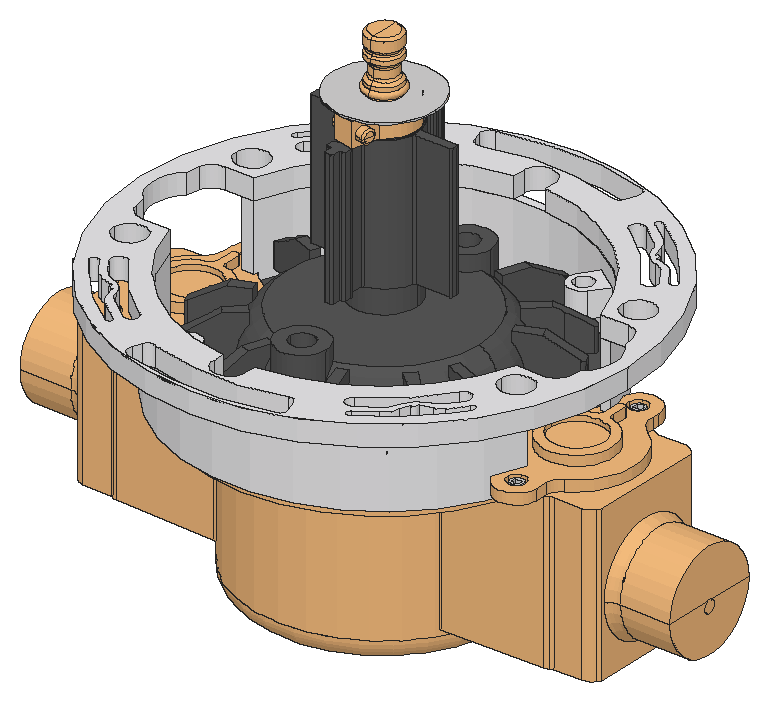
Revit family "Shower-Valves_and_Controls-KALLISTA-P29306_1", category Plumbing Fixtures, host Face, Revit 2022
Family settings
  Host = Face
  Round Connector Dimension = Use Diameter
  Part Type = Normal
  OmniClass Number = 23.27.31.00
  OmniClass Title = Valves
  Cut with Voids When Loaded = No
  Maintain Annotation Orientation = No
  Shared = No
  Room Calculation Point = No
Parameters (values of type "NA-Stainless Steel")
  Width = 8"  # constant formula
  WaterSense Certified = 1 = 0  # no
  Waste Water Outlet = "Waste Water Outlet"  # constant formula
  Waste Connection = 1 = 0  # no
  Vent Connection = 1 = 0  # no
  URL = "https://www.kallista.com/"
  Type = 1
  Tempered Water Outlet 1 = "Tempered Water Outlet 1"  # constant formula
  Product Page URL = "https://www.kallista.com/products/luxury-bathroom/showering/shower-valves/high-flow-pressure-balance-rough-in-assembly-p29306-ws"
  Product Name = "Rough In"  # constant formula
  Product Documentation Link = "https://techcomm.kohler.com/techcomm/pdf/1150734-4.pdf"
  Pressure = 45.00 psi  # constant formula
  Model = "P29306-WS-NA"  # constant formula
  Material = "Premium Metal Construction"  # constant formula
  Master Format 2014 Name = "Control Valves"  # constant formula
  Master Format 2014 = "23 09 13.33"  # constant formula
  Manufacturer Address = "444 Highland Dr, Kohler, WI 53044"  # constant formula
  Manufacturer = "Kallista Co."  # constant formula
  Length = 6"  # constant formula
  Hot Water Inlet = "Hot Water Inlet"  # constant formula
  Height = 6.18622"  # constant formula
  HW Connection = 1 = 1  # yes
  Flow Rate = 13 GPM  # constant formula
  Finish = Kallista-Metal-Brass
  Environmental Product Declaration = ""
  Distamce From Wall [instance] = 3.23181"
  Description = "High Flow Pressure Balance Rough In Assembly"  # constant formula
  Default Elevation = 36"
  Declare Label = ""
  Date Modified = "06/24/2025"  # constant formula
  Date Created = "06/24/2025"  # constant formula
  Copyright = "Copyright Kallista  Co."  # constant formula
  Contact Us = "https://www.us.kohler.com/us/static/contact.jsp"
  Cold Water Inlet = "Cold Water Inlet"  # constant formula
  CW Connection = 1 = 1  # yes
  Assembly Code = "D2020"
  ADA Compliant = 1 = 0  # no
Reference planes (in)
  plane 1 "Center (Front/Back)": y = 0
  plane 2: z = 0
  plane 3 "Center (Left/Right)": x = 0
  plane 4: y = 3
  plane 5: y = -3
  plane 6: through (0.82422, -180, 2.98281) normal (0.9998, 0, 0.0175)
  plane 7: through (-0.82422, -180, 2.98281) normal (0.9998, 0, -0.0175)
  plane 8: z = -3.23181
  plane 9: x = -4
  plane 10: x = 4
  plane 11: z = -2.45343
  plane 12: z = -2.03375
  plane 13: z = 0.25802
  plane 14: z = -2.70584
  plane 15: z = -2.28616
  plane 16: y = 1.45551
  plane 17: z = -3.48422
  plane 18: z = 2.702
Forms (in)
  Revolve 1, void
    sketch origin (0, 0, 0) x (1, 0, 0) y (0, 0, 1)
      loop
        line (0.00327, -0.26482) -> (-4, -0.26482) -> (-4, -3.4514) -> (0.00327, -3.4514) -> (0.00327, -0.26482)
      axis (0.00327, -3.4514) -> (0.00327, -0.26482)
    angle from 0 to 360
  Extrusion 2, void
    sketch origin (0, 0, 0) x (1, 0, 0) y (0, 1, 0)
      loop
        circle (0, 0) r 3.00733
    from -0.38768 to 3.55533
Dimensions and locks (in)
  plane 4 to plane 5 = 6"
  "Length": plane 4 to plane 5
  "Width": plane 9 to plane 10
  "Distamce From Wall": level to plane 8
  locked: plane 13 to plane 12 at 2.29177
  plane 11 to plane 8 = 0.77838"
  plane 12 to plane 8 = 1.19806"  (x2)
  level to plane 8 = 3.23181"
  plane 17 to plane 14 = 0.77838"
  locked: plane 14 to plane 18 at 5.40784
  "Height": plane 18 to plane 17
  aligned and locked: plane 2 to host face
  aligned and locked: level to host face
  aligned and locked: plane 3 "Center (Left/Right)" to nested 1
Automatic sketch dimensions
  host sketch curve to host sketch curve = 96"  (x2)
  plane 3 "Center (Left/Right)" to Revolve 1 sketch curve = 0.00327"  (x2)
  Revolve 1 sketch curve to Revolve 1 sketch curve = 1.1811"
  Revolve 1 sketch curve to Revolve 1 sketch curve = 0.30082"
  Revolve 1 sketch curve to level = 0.26482"
  Revolve 1 sketch curve to plane 8 = 0.21959"
  Revolve 1 sketch curve to plane 9 = 0"
  plane 1 "Center (Front/Back)" to Extrusion 2 sketch curve = 0"
  Extrusion 2 sketch curve to plane 3 "Center (Left/Right)" = 0"
  radius of Extrusion 2 sketch curve = 3.00733"
Nested families (in)
  nested 1: "P29306" at (0, 0, -0.30541), type "P29306"
Connectors (in)
  piping at (0, 1.45559, -2.70584), diameter 0.75, driven by "Flow Rate", driven by "Pressure", driven by "HW Connection", driven by "Tempered Water Outlet 1"
    settings: on nested 1, index 1, connector inside diameter 24", connector length 0", flow factor 0, pipe flow 13 GPM, pressure drop 45.00 psi, fitting loss kfactor 0, connector angle 0.00°, fixture units 0, engagement length 0", angle of deflection 0.00°, flow configuration 1, flow direction 2, fitting loss method 4, system type 19, joint type 0, gender type 0, connector reference index -1, connector utility 1, adjustable connector no, is connector primary yes, connector description "Tempered Water Outlet 1"
  piping at (4, 0, -2.28616), diameter 0.75, driven by "Flow Rate", driven by "Pressure", driven by "HW Connection", driven by "Hot Water Inlet"
    settings: on nested 1, index 2, connector inside diameter 24", connector length 0", flow factor 0, pipe flow 13 GPM, pressure drop 45.00 psi, fitting loss kfactor 0, connector angle 0.00°, fixture units 0, engagement length 0", angle of deflection 0.00°, flow configuration 1, flow direction 2, fitting loss method 4, system type 19, joint type 0, gender type 0, connector reference index -1, connector utility 1, adjustable connector no, is connector primary no, connector description "Hot Water Inlet"
  piping at (-4, 0, -2.28616), diameter 0.75, driven by "Flow Rate", driven by "Pressure", driven by "CW Connection", driven by "Cold Water Inlet"
    settings: on nested 1, index 3, connector inside diameter 24", connector length 0", flow factor 0, pipe flow 13 GPM, pressure drop 45.00 psi, fitting loss kfactor 0, connector angle 0.00°, fixture units 0, engagement length 0", angle of deflection 0.00°, flow configuration 1, flow direction 2, fitting loss method 4, system type 20, joint type 0, gender type 0, connector reference index -1, connector utility 1, adjustable connector no, is connector primary no, connector description "Cold Water Inlet"
Definition of nested family "P29306"
  Parameters
    Material = none
    Default Elevation = 0"
  Reference planes (in)
    plane 1 "Center (Front/Back)": y = 0
    plane 2: z = 0.053
    plane 3 "Center (Left/Right)": x = 0
    plane 4: x = 4
    plane 5: x = -4
    plane 6: x = 3
    plane 7: x = -3
    plane 8: y = -3
    plane 9: y = 3
    plane 10: z = 0.31102
    plane 11: y = -2.33957
    plane 12: y = 2.33957
    plane 13: through (0.87085, -180, 0.31102) normal (-0.9998, 0, -0.0175)
    plane 14: z = -3.1788
    plane 15: z = -2.40043
    plane 16: z = -2.45978
    plane 17 "K": z = -2.40043
    plane 18 "W": z = -1.98074
    plane 19: z = 0.053
    plane 20: z = 3.00741
  Forms (in)
    Extrusion 1, solid, detail levels medium+fine
      sketch origin (0, 0, 0.053) x (1, 0, 0) y (0, 1, 0)
        loop
          circle (0, 0) r 3.00089
      from 0 to 0.2524
    Extrusion 2, solid
      sketch origin (0, 0, 0.053) x (1, 0, 0) y (0, 1, 0)
        loop
          arc (-0.17413, 0.37384) -> (-0.32559, 0.25312) -> (-0.40524, 0.07658) r 0.41241
          arc (-0.40524, 0.07658) -> (-0.41458, 0.06072) -> (-0.4319, 0.05448) r 0.02713
          line (-0.4319, 0.05448) -> (-0.84768, 0.05448)
          arc (-0.84768, 0.05448) -> (-0.86259, 0.0483) -> (-0.86877, 0.03339) r 0.02109
          line (-0.86877, 0.03339) -> (-0.86877, -0.03331)
          arc (-0.86877, -0.03331) -> (-0.86272, -0.04792) -> (-0.84812, -0.05397) r 0.02065
          line (-0.84812, -0.05397) -> (-0.43187, -0.05397)
          arc (-0.43187, -0.05397) -> (-0.41464, -0.06019) -> (-0.40535, -0.07598) r 0.02698
          arc (-0.40535, -0.07598) -> (-0.29091, -0.29232) -> (-0.07402, -0.40571) r 0.41241
          arc (-0.07402, -0.40571) -> (-0.06012, -0.41381) -> (-0.05465, -0.42893) r 0.02361
          line (-0.05465, -0.42893) -> (-0.05465, -0.60913)
          arc (-0.05465, -0.60913) -> (-0.06152, -0.62497) -> (-0.07779, -0.63077) r 0.02169
          arc (-0.07779, -0.63077) -> (-0.1067, -0.64109) -> (-0.11892, -0.66925) r 0.03856
          line (-0.11892, -0.66925) -> (-0.11892, -0.73207)
          arc (-0.11892, -0.73207) -> (-0.10168, -0.74892) -> (-0.07765, -0.75072) r 0.03518
          arc (-0.07765, -0.75072) -> (-0.06182, -0.7537) -> (-0.05465, -0.76813) r 0.01809
          line (-0.05465, -0.76813) -> (-0.05465, -0.84428)
          arc (-0.05465, -0.84428) -> (-0.04729, -0.86203) -> (-0.02953, -0.86939) r 0.02511
          line (-0.02953, -0.86939) -> (0.02953, -0.86939)
          arc (0.02953, -0.86939) -> (0.04729, -0.86203) -> (0.05465, -0.84428) r 0.02511
          line (0.05465, -0.84428) -> (0.05465, -0.76813)
          arc (0.05465, -0.76813) -> (0.06182, -0.7537) -> (0.07765, -0.75072) r 0.01809
          arc (0.07765, -0.75072) -> (0.10007, -0.7496) -> (0.11725, -0.73514) r 0.03518
          line (0.11725, -0.73514) -> (0.11725, -0.65804)
          arc (0.11725, -0.65804) -> (0.10228, -0.63752) -> (0.07779, -0.63077) r 0.03856
          arc (0.07779, -0.63077) -> (0.06152, -0.62497) -> (0.05465, -0.60913) r 0.02169
          line (0.05465, -0.60913) -> (0.05465, -0.43039)
          arc (0.05465, -0.43039) -> (0.0605, -0.41418) -> (0.07537, -0.40546) r 0.02536
          arc (0.07537, -0.40546) -> (0.29189, -0.29134) -> (0.4056, -0.0746) r 0.41241
          arc (0.4056, -0.0746) -> (0.41426, -0.0598) -> (0.43038, -0.05397) r 0.02519
          line (0.43038, -0.05397) -> (0.84812, -0.05397)
          arc (0.84812, -0.05397) -> (0.86272, -0.04792) -> (0.86877, -0.03331) r 0.02065
          line (0.86877, -0.03331) -> (0.86877, 0.03339)
          arc (0.86877, 0.03339) -> (0.86259, 0.0483) -> (0.84768, 0.05448) r 0.02109
          line (0.84768, 0.05448) -> (0.43063, 0.05448)
          arc (0.43063, 0.05448) -> (0.41426, 0.0604) -> (0.40546, 0.07541) r 0.02561
          arc (0.40546, 0.07541) -> (0.32789, 0.25013) -> (0.17988, 0.37111) r 0.41241
          arc (0.17988, 0.37111) -> (0.14746, 0.40319) -> (0.13478, 0.447) r 0.09062
          arc (0.13478, 0.447) -> (0.12872, 0.4608) -> (0.11476, 0.46647) r 0.02002
          line (0.11476, 0.46647) -> (-0.02689, 0.46647)
          arc (-0.02689, 0.46647) -> (-0.04594, 0.484) -> (-0.05721, 0.5073) r 0.06918
          arc (-0.05721, 0.5073) -> (-0.05356, 0.52571) -> (-0.03673, 0.53402) r 0.02121
          line (-0.03673, 0.53402) -> (0.13991, 0.53402)
          arc (0.13991, 0.53402) -> (0.15652, 0.53965) -> (0.16626, 0.55424) r 0.02728
          line (0.16626, 0.55424) -> (0.17565, 0.58926)
          arc (0.17565, 0.58926) -> (0.17331, 0.61037) -> (0.1573, 0.62432) r 0.02921
          arc (0.1573, 0.62432) -> (0.12947, 0.64552) -> (0.11892, 0.67886) r 0.05796
          line (0.11892, 0.67886) -> (0.11892, 0.73207)
          arc (0.11892, 0.73207) -> (0.10168, 0.74892) -> (0.07765, 0.75072) r 0.03518
          arc (0.07765, 0.75072) -> (0.06182, 0.7537) -> (0.05465, 0.76813) r 0.01809
          line (0.05465, 0.76813) -> (0.05465, 0.84428)
          arc (0.05465, 0.84428) -> (0.04729, 0.86203) -> (0.02953, 0.86939) r 0.02511
          line (0.02953, 0.86939) -> (-0.02953, 0.86939)
          arc (-0.02953, 0.86939) -> (-0.04729, 0.86203) -> (-0.05465, 0.84428) r 0.02511
          line (-0.05465, 0.84428) -> (-0.05465, 0.76813)
          arc (-0.05465, 0.76813) -> (-0.06182, 0.7537) -> (-0.07765, 0.75072) r 0.01809
          arc (-0.07765, 0.75072) -> (-0.10168, 0.74892) -> (-0.11892, 0.73207) r 0.03518
          line (-0.11892, 0.73207) -> (-0.11892, 0.65767)
          arc (-0.11892, 0.65767) -> (-0.12746, 0.63681) -> (-0.14817, 0.62792) r 0.02976
          arc (-0.14817, 0.62792) -> (-0.17089, 0.61634) -> (-0.17575, 0.59131) r 0.02907
          line (-0.17575, 0.59131) -> (-0.1381, 0.45112)
          arc (-0.1381, 0.45112) -> (-0.14204, 0.40592) -> (-0.17413, 0.37384) r 0.06628
      from 0.29252 to 1.93096
    Extrusion 3, solid, detail levels medium+fine
      sketch origin (0, 0, 0.053) x (1, 0, 0) y (0, 1, 0)
        loop
          circle (0, 0) r 0.3937
      from 0 to 1.93096
    Extrusion 4, void
      sketch origin (0, 0, 0.053) x (1, 0, 0) y (0, 1, 0)
        loop
          arc (-0.89763, 2.8239) -> (-0.9697, 2.76466) -> (-0.97544, 2.67154) r 0.11686
          line (-0.97544, 2.67154) -> (-0.93446, 2.55892)
          arc (-0.93446, 2.55892) -> (-0.88613, 2.50484) -> (-0.81385, 2.49894) r 0.09774
          arc (-0.81385, 2.49894) -> (0.00175, 2.62035) -> (0.81658, 2.49393) r 2.74339
          arc (0.81658, 2.49393) -> (0.87974, 2.49879) -> (0.92201, 2.54596) r 0.08504
          line (0.92201, 2.54596) -> (0.97601, 2.69431)
          arc (0.97601, 2.69431) -> (0.97166, 2.76779) -> (0.91514, 2.81495) r 0.09272
          arc (0.91514, 2.81495) -> (0.0094, 2.94821) -> (-0.89763, 2.8239) r 3.25399
        loop
          arc (-0.89763, -2.8239) -> (0.0094, -2.94821) -> (0.91514, -2.81495) r 3.25399
          arc (0.91514, -2.81495) -> (0.97166, -2.76779) -> (0.97601, -2.69431) r 0.09272
          line (0.97601, -2.69431) -> (0.92201, -2.54596)
          arc (0.92201, -2.54596) -> (0.87974, -2.49879) -> (0.81658, -2.49393) r 0.08504
          arc (0.81658, -2.49393) -> (0.00175, -2.62035) -> (-0.81385, -2.49894) r 2.74339
          arc (-0.81385, -2.49894) -> (-0.88613, -2.50484) -> (-0.93446, -2.55892) r 0.09774
          line (-0.93446, -2.55892) -> (-0.97544, -2.67154)
          arc (-0.97544, -2.67154) -> (-0.9697, -2.76466) -> (-0.89763, -2.8239) r 0.11686
        loop
          arc (-2.03798, -1.38422) -> (-2.17669, -1.35773) -> (-2.19863, -1.49724) r 0.09826
          line (-2.19863, -1.49724) -> (-2.08197, -1.65206)
          arc (-2.08197, -1.65206) -> (-2.02018, -1.71138) -> (-1.94288, -1.74827) r 0.26894
          arc (-1.94288, -1.74827) -> (-1.81406, -1.82631) -> (-1.74088, -1.95796) r 0.29363
          arc (-1.74088, -1.95796) -> (-1.70835, -2.02963) -> (-1.65289, -2.08549) r 0.22229
          line (-1.65289, -2.08549) -> (-1.41091, -2.25492)
          arc (-1.41091, -2.25492) -> (-1.29246, -2.23345) -> (-1.31508, -2.11521) r 0.08471
          arc (-1.31508, -2.11521) -> (-1.7131, -1.78588) -> (-2.03798, -1.38422) r 2.59455
        loop
          arc (-1.50623, -2.41596) -> (-1.44472, -2.40134) -> (-1.45691, -2.3393) r 0.04561
          line (-1.45691, -2.3393) -> (-1.68703, -2.17817)
          arc (-1.68703, -2.17817) -> (-1.75554, -2.10739) -> (-1.79277, -2.0162) r 0.25975
          arc (-1.79277, -2.0162) -> (-1.80845, -1.95427) -> (-1.83038, -1.89427) r 0.62433
          arc (-1.83038, -1.89427) -> (-1.87963, -1.88332) -> (-1.89058, -1.83407) r 0.04699
          arc (-1.89058, -1.83407) -> (-1.96719, -1.81195) -> (-2.04316, -1.78773) r 2.90109
          arc (-2.04316, -1.78773) -> (-2.09472, -1.76139) -> (-2.13619, -1.721) r 0.19371
          line (-2.13619, -1.721) -> (-2.27798, -1.53388)
          arc (-2.27798, -1.53388) -> (-2.35306, -1.52437) -> (-2.36093, -1.59964) r 0.05294
          arc (-2.36093, -1.59964) -> (-2.28578, -1.69237) -> (-2.21269, -1.78673) r 5.40552
          arc (-2.21269, -1.78673) -> (-1.89026, -2.13592) -> (-1.50623, -2.41596) r 2.43918
        loop
          arc (2.03798, -1.38422) -> (1.7131, -1.78588) -> (1.31508, -2.11521) r 2.59455
          arc (1.31508, -2.11521) -> (1.29246, -2.23345) -> (1.41091, -2.25492) r 0.08471
          line (1.41091, -2.25492) -> (1.65289, -2.08549)
          arc (1.65289, -2.08549) -> (1.70835, -2.02963) -> (1.74088, -1.95796) r 0.22229
          arc (1.74088, -1.95796) -> (1.81406, -1.82631) -> (1.94288, -1.74827) r 0.29363
          arc (1.94288, -1.74827) -> (2.02018, -1.71138) -> (2.08197, -1.65206) r 0.26894
          line (2.08197, -1.65206) -> (2.19863, -1.49724)
          arc (2.19863, -1.49724) -> (2.17669, -1.35773) -> (2.03798, -1.38422) r 0.09826
        loop
          arc (1.45691, -2.3393) -> (1.44472, -2.40134) -> (1.50623, -2.41596) r 0.04561
          arc (1.50623, -2.41596) -> (1.89026, -2.13592) -> (2.21269, -1.78673) r 2.43918
          arc (2.21269, -1.78673) -> (2.28578, -1.69237) -> (2.36093, -1.59964) r 5.40552
          arc (2.36093, -1.59964) -> (2.35306, -1.52437) -> (2.27798, -1.53388) r 0.05294
          line (2.27798, -1.53388) -> (2.13619, -1.721)
          arc (2.13619, -1.721) -> (2.09472, -1.76139) -> (2.04316, -1.78773) r 0.19371
          arc (2.04316, -1.78773) -> (1.96719, -1.81195) -> (1.89058, -1.83407) r 2.90109
          arc (1.89058, -1.83407) -> (1.87963, -1.88332) -> (1.83038, -1.89427) r 0.04699
          arc (1.83038, -1.89427) -> (1.80845, -1.95427) -> (1.79277, -2.0162) r 0.62433
          arc (1.79277, -2.0162) -> (1.75554, -2.10739) -> (1.68703, -2.17817) r 0.25975
          line (1.68703, -2.17817) -> (1.45691, -2.3393)
        loop
          arc (2.03798, 1.38422) -> (2.17669, 1.35773) -> (2.19863, 1.49724) r 0.09826
          line (2.19863, 1.49724) -> (2.08197, 1.65206)
          arc (2.08197, 1.65206) -> (2.02018, 1.71138) -> (1.94288, 1.74827) r 0.26894
          arc (1.94288, 1.74827) -> (1.81406, 1.82631) -> (1.74088, 1.95796) r 0.29363
          arc (1.74088, 1.95796) -> (1.70835, 2.02963) -> (1.65289, 2.08549) r 0.22229
          line (1.65289, 2.08549) -> (1.41091, 2.25492)
          arc (1.41091, 2.25492) -> (1.29246, 2.23345) -> (1.31508, 2.11521) r 0.08471
          arc (1.31508, 2.11521) -> (1.7131, 1.78588) -> (2.03798, 1.38422) r 2.59455
        loop
          arc (1.89058, 1.83407) -> (1.96719, 1.81195) -> (2.04316, 1.78773) r 2.90109
          arc (2.04316, 1.78773) -> (2.09472, 1.76139) -> (2.13619, 1.721) r 0.19371
          line (2.13619, 1.721) -> (2.27798, 1.53388)
          arc (2.27798, 1.53388) -> (2.35306, 1.52437) -> (2.36093, 1.59964) r 0.05294
          arc (2.36093, 1.59964) -> (2.28578, 1.69237) -> (2.21269, 1.78673) r 5.40552
          arc (2.21269, 1.78673) -> (1.89026, 2.13592) -> (1.50623, 2.41596) r 2.43918
          arc (1.50623, 2.41596) -> (1.44472, 2.40134) -> (1.45691, 2.3393) r 0.04561
          line (1.45691, 2.3393) -> (1.68703, 2.17817)
          arc (1.68703, 2.17817) -> (1.75554, 2.10739) -> (1.79277, 2.0162) r 0.25975
          arc (1.79277, 2.0162) -> (1.80845, 1.95427) -> (1.83038, 1.89427) r 0.62433
          arc (1.83038, 1.89427) -> (1.87963, 1.88332) -> (1.89058, 1.83407) r 0.04699
        loop
          arc (-2.03798, 1.38422) -> (-1.7131, 1.78588) -> (-1.31508, 2.11521) r 2.59455
          arc (-1.31508, 2.11521) -> (-1.29246, 2.23345) -> (-1.41091, 2.25492) r 0.08471
          line (-1.41091, 2.25492) -> (-1.65289, 2.08549)
          arc (-1.65289, 2.08549) -> (-1.70835, 2.02963) -> (-1.74088, 1.95796) r 0.22229
          arc (-1.74088, 1.95796) -> (-1.81406, 1.82631) -> (-1.94288, 1.74827) r 0.29363
          arc (-1.94288, 1.74827) -> (-2.02018, 1.71138) -> (-2.08197, 1.65206) r 0.26894
          line (-2.08197, 1.65206) -> (-2.19863, 1.49724)
          arc (-2.19863, 1.49724) -> (-2.17669, 1.35773) -> (-2.03798, 1.38422) r 0.09826
        loop
          arc (-1.79277, 2.0162) -> (-1.75554, 2.10739) -> (-1.68703, 2.17817) r 0.25975
          line (-1.68703, 2.17817) -> (-1.45691, 2.3393)
          arc (-1.45691, 2.3393) -> (-1.44472, 2.40134) -> (-1.50623, 2.41596) r 0.04561
          arc (-1.50623, 2.41596) -> (-1.89026, 2.13592) -> (-2.21269, 1.78673) r 2.43918
          arc (-2.21269, 1.78673) -> (-2.28578, 1.69237) -> (-2.36093, 1.59964) r 5.40552
          arc (-2.36093, 1.59964) -> (-2.35306, 1.52437) -> (-2.27798, 1.53388) r 0.05294
          line (-2.27798, 1.53388) -> (-2.13619, 1.721)
          arc (-2.13619, 1.721) -> (-2.09472, 1.76139) -> (-2.04316, 1.78773) r 0.19371
          arc (-2.04316, 1.78773) -> (-1.96719, 1.81195) -> (-1.89058, 1.83407) r 2.90109
          arc (-1.89058, 1.83407) -> (-1.87963, 1.88332) -> (-1.83038, 1.89427) r 0.04699
          arc (-1.83038, 1.89427) -> (-1.80845, 1.95427) -> (-1.79277, 2.0162) r 0.62433
        loop
          circle (-2.37877, 0.93873) r 0.19685
        loop
          circle (-2.37877, -0.93873) r 0.19685
        loop
          circle (2.37877, 0.93873) r 0.19685
        loop
          circle (2.37877, -0.93873) r 0.19685
        loop
          arc (-0.19697, -2.38515) -> (-0.00012, -2.582) -> (0.19673, -2.38515) r 0.19685
          line (0.19673, -2.38515) -> (0.19673, -2.24376)
          arc (0.19673, -2.24376) -> (-0.00016, -2.25151) -> (-0.19697, -2.24183) r 2.22796
          line (-0.19697, -2.24183) -> (-0.19697, -2.38515)
        loop
          line (-0.19697, 2.38515) -> (-0.19697, 2.24183)
          arc (-0.19697, 2.24183) -> (-0.00016, 2.25151) -> (0.19673, 2.24376) r 2.22796
          line (0.19673, 2.24376) -> (0.19673, 2.38515)
          arc (0.19673, 2.38515) -> (-0.00012, 2.582) -> (-0.19697, 2.38515) r 0.19685
      from -0.14038 to 0.37862
    Extrusion 5, void
      sketch origin (0, 0, 0.053) x (1, 0, 0) y (0, 1, 0)
        loop
          line (-2.12866, 0.64547) -> (-2.48258, 0.64547)
          arc (-2.48258, 0.64547) -> (-2.6058, 0.60213) -> (-2.67477, 0.4912) r 0.19685
          arc (-2.67477, 0.4912) -> (-2.69063, 0.41292) -> (-2.70364, 0.33411) r 2.20534
          arc (-2.70364, 0.33411) -> (-2.84472, -0.00357) -> (-2.69849, -0.33905) r 0.46615
          arc (-2.69849, -0.33905) -> (-2.68443, -0.41684) -> (-2.66759, -0.49407) r 2.20534
          arc (-2.66759, -0.49407) -> (-2.59814, -0.6031) -> (-2.47604, -0.64555) r 0.19685
          line (-2.47604, -0.64555) -> (-2.12864, -0.64555)
          arc (-2.12864, -0.64555) -> (0.01074, -2.25153) -> (2.15012, -0.64555) r 2.22796
          line (2.15012, -0.64555) -> (2.47604, -0.64555)
          arc (2.47604, -0.64555) -> (2.59814, -0.6031) -> (2.66759, -0.49407) r 0.19685
          arc (2.66759, -0.49407) -> (2.68443, -0.41684) -> (2.69849, -0.33905) r 2.20534
          arc (2.69849, -0.33905) -> (2.84472, -0.00357) -> (2.70364, 0.33411) r 0.46615
          arc (2.70364, 0.33411) -> (2.69063, 0.41292) -> (2.67477, 0.4912) r 2.20534
          arc (2.67477, 0.4912) -> (2.6058, 0.60213) -> (2.48258, 0.64547) r 0.19685
          line (2.48258, 0.64547) -> (2.15014, 0.64547)
          arc (2.15014, 0.64547) -> (0.01074, 2.25153) -> (-2.12866, 0.64547) r 2.22796
      from -0.18057 to 0.44042
    Extrusion 6, solid
      sketch origin (0, 0, 0.053) x (1, 0, 0) y (0, 1, 0)
        loop
          arc (-2.27228, -0.64555) -> (0, -2.3622) -> (2.27228, -0.64555) r 2.3622
          line (2.27228, -0.64555) -> (2.15012, -0.64555)
          arc (2.15012, -0.64555) -> (0.01074, -2.25153) -> (-2.12864, -0.64555) r 2.22796
          line (-2.12864, -0.64555) -> (-2.27228, -0.64555)
        loop
          line (2.15014, 0.64547) -> (2.27231, 0.64547)
          arc (2.27231, 0.64547) -> (0, 2.3622) -> (-2.27231, 0.64547) r 2.3622
          line (-2.27231, 0.64547) -> (-2.12866, 0.64547)
          arc (-2.12866, 0.64547) -> (0.01074, 2.25153) -> (2.15014, 0.64547) r 2.22796
      from 0 to -1.06436
    Revolve 7, solid, material <- "Material", detail levels coarse
      sketch origin (0, 0, 0.04921) x (1, 0, 0) y (0, 0, 1)
        loop
          line (0, -0.86713) -> (-1.62402, -0.86713) -> (-1.62402, -3.1788) -> (0, -3.1788) -> (0, -0.86713)
        axis (0, -3.1788) -> (0, -0.86713)
      angle from 0 to 360
    Extrusion 8, solid, material <- "Material"
      sketch origin (0, 0, 0.053) x (1, 0, 0) y (0, 1, 0)
        loop
          line (-3.2259, 0.68595) -> (-3.2259, -0.6872)
          arc (-3.2259, -0.6872) -> (-3.2106, -0.70281) -> (-3.19683, -0.71978) r 0.23362
          arc (-3.19683, -0.71978) -> (-3.13964, -0.77279) -> (-3.06695, -0.80104) r 0.20817
          line (-3.06695, -0.80104) -> (-2.73138, -0.80104)
          arc (-2.73138, -0.80104) -> (-2.70964, -0.80428) -> (-2.6898, -0.81372) r 0.07448
          arc (-2.6898, -0.81372) -> (-2.66041, -0.82795) -> (-2.62822, -0.83344) r 0.11604
          line (-2.62822, -0.83344) -> (-1.41702, -0.86679)
          arc (-1.41702, -0.86679) -> (-1.27691, -0.91417) -> (-1.18767, -1.03213) r 0.25144
          line (-1.18767, -1.03213) -> (-1.18767, 1.03087)
          arc (-1.18767, 1.03087) -> (-1.27691, 0.91291) -> (-1.41702, 0.86553) r 0.25144
          line (-1.41702, 0.86553) -> (-2.62822, 0.83218)
          arc (-2.62822, 0.83218) -> (-2.66041, 0.8267) -> (-2.6898, 0.81247) r 0.11604
          arc (-2.6898, 0.81247) -> (-2.70964, 0.80302) -> (-2.73138, 0.79978) r 0.07448
          line (-2.73138, 0.79978) -> (-3.06695, 0.79978)
          arc (-3.06695, 0.79978) -> (-3.13964, 0.77154) -> (-3.19683, 0.71853) r 0.20817
          arc (-3.19683, 0.71853) -> (-3.2106, 0.70156) -> (-3.2259, 0.68595) r 0.23362
      from -2.82246 to -0.93158
    Revolve 9, solid, material <- "Material"
      sketch origin (0, -0.00036, -1.9155) x (1, 0, 0) y (0, 1, 0)
        loop
          line (-3.17668, 0) -> (-3.17668, 0.72299)
          arc (-3.17668, 0.72299) -> (-3.26356, 0.63383) -> (-3.38366, 0.60109) r 0.23666
          line (-3.38366, 0.60109) -> (-4, 0.60109) -> (-4, 0) -> (-3.17668, 0)
        axis (-3.17668, 0) -> (-4, 0)
      angle from 0 to 360
    Extrusion 10, solid, material <- "Material", detail levels medium+fine
      sketch origin (0, 0, 0.053) x (1, 0, 0) y (0, 1, 0)
        loop
          arc (-2.76875, 0.58316) -> (-3.09128, -0.03767) -> (-2.72931, -0.63638) r 0.7147
          arc (-2.72931, -0.63638) -> (-2.65628, -0.70853) -> (-2.62951, -0.80764) r 0.19685
          line (-2.62951, -0.80764) -> (-2.62951, -0.9408)
          arc (-2.62951, -0.9408) -> (-2.37931, -1.191) -> (-2.1291, -0.9408) r 0.2502
          line (-2.1291, -0.9408) -> (-2.1291, -0.78247)
          arc (-2.1291, -0.78247) -> (-2.107, -0.70288) -> (-2.04703, -0.64609) r 0.15433
          arc (-2.04703, -0.64609) -> (-1.66703, -0.02468) -> (-2.0293, 0.60723) r 0.7147
          arc (-2.0293, 0.60723) -> (-2.10233, 0.67938) -> (-2.1291, 0.77849) r 0.19685
          line (-2.1291, 0.77849) -> (-2.1291, 0.93618)
          arc (-2.1291, 0.93618) -> (-2.37931, 1.18638) -> (-2.62951, 0.93618) r 0.2502
          line (-2.62951, 0.93618) -> (-2.62951, 0.84091)
          arc (-2.62951, 0.84091) -> (-2.66654, 0.69443) -> (-2.76875, 0.58316) r 0.30818
      from -0.93158 to -0.80071
    Extrusion 11, solid, material <- "Material", detail levels medium+fine
      sketch origin (0, 0, 0.053) x (1, 0, 0) y (0, 1, 0)
        loop
          arc (-2.49039, 0.40245) -> (-2.68835, -0.3298) -> (-1.9646, -0.10274) r 0.4325
          arc (-1.9646, -0.10274) -> (-1.9406, -0.06278) -> (-1.89671, -0.04708) r 0.06923
          line (-1.89671, -0.04708) -> (-1.70325, -0.04708)
          arc (-1.70325, -0.04708) -> (-1.68445, -0.03929) -> (-1.67666, -0.02049) r 0.02659
          line (-1.67666, -0.02049) -> (-1.67666, 0.01887)
          arc (-1.67666, 0.01887) -> (-1.68488, 0.03873) -> (-1.70474, 0.04696) r 0.02808
          line (-1.70474, 0.04696) -> (-1.89415, 0.04696)
          arc (-1.89415, 0.04696) -> (-1.93839, 0.06337) -> (-1.96122, 0.10468) r 0.06782
          arc (-1.96122, 0.10468) -> (-2.06863, 0.31279) -> (-2.28049, 0.41262) r 0.36457
          arc (-2.28049, 0.41262) -> (-2.31744, 0.43174) -> (-2.33226, 0.47061) r 0.05837
          line (-2.33226, 0.47061) -> (-2.33226, 0.67095)
          arc (-2.33226, 0.67095) -> (-2.34231, 0.69523) -> (-2.36659, 0.70528) r 0.03433
          line (-2.36659, 0.70528) -> (-2.3983, 0.70528)
          arc (-2.3983, 0.70528) -> (-2.41835, 0.69697) -> (-2.42666, 0.67692) r 0.02836
          line (-2.42666, 0.67692) -> (-2.42666, 0.48344)
          arc (-2.42666, 0.48344) -> (-2.4445, 0.43191) -> (-2.49039, 0.40245) r 0.08332
      from -0.80071 to -0.68392
    Extrusion 12, solid, material <- "Material"
      sketch origin (0, 0, 0.053) x (-1, 0, 0) y (0, -1, 0)
        loop
          arc (-3.2259, -0.68595) -> (-3.2106, -0.70156) -> (-3.19683, -0.71853) r 0.23362
          arc (-3.19683, -0.71853) -> (-3.14115, -0.77058) -> (-3.07046, -0.7991) r 0.20817
          line (-3.07046, -0.7991) -> (-2.73136, -0.7991)
          arc (-2.73136, -0.7991) -> (-2.70962, -0.80235) -> (-2.68978, -0.81179) r 0.07448
          arc (-2.68978, -0.81179) -> (-2.66039, -0.82602) -> (-2.6282, -0.83151) r 0.11604
          line (-2.6282, -0.83151) -> (-1.39242, -0.86553)
          arc (-1.39242, -0.86553) -> (-1.2523, -0.91291) -> (-1.16307, -1.03087) r 0.25144
          line (-1.16307, -1.03087) -> (-1.16307, 1.03213)
          arc (-1.16307, 1.03213) -> (-1.2523, 0.91417) -> (-1.39242, 0.86679) r 0.25144
          line (-1.39242, 0.86679) -> (-2.6282, 0.83276)
          arc (-2.6282, 0.83276) -> (-2.66039, 0.82728) -> (-2.68978, 0.81304) r 0.11604
          arc (-2.68978, 0.81304) -> (-2.70962, 0.8036) -> (-2.73136, 0.80036) r 0.07448
          line (-2.73136, 0.80036) -> (-3.07046, 0.80036)
          arc (-3.07046, 0.80036) -> (-3.14115, 0.77184) -> (-3.19683, 0.71978) r 0.20817
          arc (-3.19683, 0.71978) -> (-3.2106, 0.70281) -> (-3.2259, 0.6872) r 0.23362
          line (-3.2259, 0.6872) -> (-3.2259, -0.68595)
      from -2.82246 to -0.93158
    Extrusion 13, solid, material <- "Material", detail levels medium+fine
      sketch origin (0, 0, 0.053) x (-1, 0, 0) y (0, -1, 0)
        loop
          arc (-2.76875, -0.58316) -> (-2.66654, -0.69443) -> (-2.62951, -0.84091) r 0.30818
          line (-2.62951, -0.84091) -> (-2.62951, -0.93618)
          arc (-2.62951, -0.93618) -> (-2.37931, -1.18638) -> (-2.1291, -0.93618) r 0.2502
          line (-2.1291, -0.93618) -> (-2.1291, -0.77849)
          arc (-2.1291, -0.77849) -> (-2.10233, -0.67938) -> (-2.0293, -0.60723) r 0.19685
          arc (-2.0293, -0.60723) -> (-1.66703, 0.02468) -> (-2.04703, 0.64609) r 0.7147
          arc (-2.04703, 0.64609) -> (-2.107, 0.70288) -> (-2.1291, 0.78247) r 0.15433
          line (-2.1291, 0.78247) -> (-2.1291, 0.9408)
          arc (-2.1291, 0.9408) -> (-2.37931, 1.191) -> (-2.62951, 0.9408) r 0.2502
          line (-2.62951, 0.9408) -> (-2.62951, 0.80764)
          arc (-2.62951, 0.80764) -> (-2.65628, 0.70853) -> (-2.72931, 0.63638) r 0.19685
          arc (-2.72931, 0.63638) -> (-3.09128, 0.03767) -> (-2.76875, -0.58316) r 0.7147
      from -0.93158 to -0.80071
    Extrusion 14, solid, material <- "Material", detail levels medium+fine
      sketch origin (0, 0, 0.053) x (-1, 0, 0) y (0, -1, 0)
        loop
          arc (-2.49039, -0.40245) -> (-2.4445, -0.43191) -> (-2.42666, -0.48344) r 0.08332
          line (-2.42666, -0.48344) -> (-2.42666, -0.67692)
          arc (-2.42666, -0.67692) -> (-2.41835, -0.69697) -> (-2.3983, -0.70528) r 0.02836
          line (-2.3983, -0.70528) -> (-2.36659, -0.70528)
          arc (-2.36659, -0.70528) -> (-2.34231, -0.69523) -> (-2.33226, -0.67095) r 0.03433
          line (-2.33226, -0.67095) -> (-2.33226, -0.47061)
          arc (-2.33226, -0.47061) -> (-2.31744, -0.43174) -> (-2.28049, -0.41262) r 0.05837
          arc (-2.28049, -0.41262) -> (-2.06863, -0.31279) -> (-1.96122, -0.10468) r 0.36457
          arc (-1.96122, -0.10468) -> (-1.93839, -0.06337) -> (-1.89415, -0.04696) r 0.06782
          line (-1.89415, -0.04696) -> (-1.70474, -0.04696)
          arc (-1.70474, -0.04696) -> (-1.68488, -0.03873) -> (-1.67666, -0.01887) r 0.02808
          line (-1.67666, -0.01887) -> (-1.67666, 0.02049)
          arc (-1.67666, 0.02049) -> (-1.68445, 0.03929) -> (-1.70325, 0.04708) r 0.02659
          line (-1.70325, 0.04708) -> (-1.89671, 0.04708)
          arc (-1.89671, 0.04708) -> (-1.9406, 0.06278) -> (-1.9646, 0.10274) r 0.06923
          arc (-1.9646, 0.10274) -> (-2.68835, 0.3298) -> (-2.49039, -0.40245) r 0.4325
      from -0.80071 to -0.68392
    Extrusion 15, solid, material <- "Material"
      sketch origin (0, 0, 0.053) x (1, 0, 0) y (0, 1, 0)
        loop
          arc (0.18699, -0.32597) -> (0.37108, 0.05934) -> (0.07601, 0.36802) r 0.37579
          arc (0.07601, 0.36802) -> (0.09573, 0.3733) -> (0.10744, 0.39002) r 0.02983
          line (0.10744, 0.39002) -> (0.11778, 0.42861)
          arc (0.11778, 0.42861) -> (0.11469, 0.44416) -> (0.10047, 0.45117) r 0.01792
          line (0.10047, 0.45117) -> (-0.03839, 0.45117)
          arc (-0.03839, 0.45117) -> (-0.05347, 0.45637) -> (-0.06216, 0.46975) r 0.0245
          line (-0.06216, 0.46975) -> (-0.07557, 0.52353)
          arc (-0.07557, 0.52353) -> (-0.07197, 0.54049) -> (-0.05639, 0.54809) r 0.01977
          line (-0.05639, 0.54809) -> (0.13083, 0.54809)
          arc (0.13083, 0.54809) -> (0.15523, 0.56939) -> (0.13741, 0.59644) r 0.02462
          arc (0.13741, 0.59644) -> (0.00051, 0.61565) -> (-0.13669, 0.59867) r 0.52808
          arc (-0.13669, 0.59867) -> (-0.15194, 0.58721) -> (-0.15471, 0.56833) r 0.02508
          line (-0.15471, 0.56833) -> (-0.11087, 0.39248)
          arc (-0.11087, 0.39248) -> (-0.09789, 0.37368) -> (-0.07573, 0.36808) r 0.03246
          arc (-0.07573, 0.36808) -> (-0.37555, 0.01353) -> (-0.10203, -0.36168) r 0.37579
          arc (-0.10203, -0.36168) -> (-0.08617, -0.37379) -> (-0.08292, -0.39348) r 0.02708
          line (-0.08292, -0.39348) -> (-0.12697, -0.59644) -> (0.1168, -0.64936) -> (0.18699, -0.32597)
      from 1.93096 to 2.22733
    Revolve 16, solid, material <- "Material"
      sketch origin (0, -0.00063, 2.12164) x (1, 0, 0) y (0, 1, 0)
        loop
          line (0.26004, -0.55622) -> (-0.22904, -0.45226) -> (-0.23751, -0.49212) -> (-0.20608, -0.54051) -> (0.22435, -0.63201) -> (0.24818, -0.61201) -> (0.26004, -0.55622)
        axis (0.26028, -0.55627) -> (-0.22858, -0.45016)
      angle from 0 to 360
    Extrusion 17, solid
      sketch origin (0, 0, 0.053) x (1, 0, 0) y (0, 1, 0)
        loop
          circle (0, 0) r 0.62567
      from 2.22733 to 2.24682
    Revolve 18, solid, material <- "Material", detail levels medium+fine
      sketch origin (0, 0, 0) x (0, 1, 0) y (0, 0, 1)
        loop
          line (0, 2.98281) -> (0, 2.29982) -> (0.20275, 2.29982)
          arc (0.20275, 2.29982) -> (0.17941, 2.30637) -> (0.16287, 2.32411) r 0.04489
          line (0.16287, 2.32411) -> (0.20275, 2.32411)
          arc (0.20275, 2.32411) -> (0.23648, 2.35784) -> (0.20275, 2.39157) r 0.03373
          line (0.20275, 2.39157) -> (0.17179, 2.39157)
          arc (0.17179, 2.39157) -> (0.18658, 2.4016) -> (0.2044, 2.40289) r 0.03452
          line (0.2044, 2.40289) -> (0.2044, 2.44508) -> (0.1691, 2.4806)
          arc (0.1691, 2.4806) -> (0.15841, 2.49666) -> (0.15466, 2.51559) r 0.04964
          line (0.15466, 2.51559) -> (0.15466, 2.61769)
          arc (0.15466, 2.61769) -> (0.15811, 2.63503) -> (0.16793, 2.64972) r 0.0453
          line (0.16793, 2.64972) -> (0.20444, 2.68623) -> (0.20444, 2.74024) -> (0.18385, 2.76965)
          arc (0.18385, 2.76965) -> (0.17795, 2.7839) -> (0.18385, 2.79815) r 0.02015
          line (0.18385, 2.79815) -> (0.20444, 2.82756) -> (0.20444, 2.95061) -> (0.17224, 2.98281) -> (0, 2.98281)
        axis (0, 2.29982) -> (0, 2.98281)
      angle from 0 to 360
    Revolve 19, solid, material <- "Material"
      sketch origin (0, -0.00036, -1.9155) x (-1, 0, 0) y (0, -1, 0)
        loop
          line (-3.17668, 0) -> (-4, 0) -> (-4, -0.60109) -> (-3.38366, -0.60109)
          arc (-3.38366, -0.60109) -> (-3.26356, -0.63383) -> (-3.17668, -0.72299) r 0.23666
          line (-3.17668, -0.72299) -> (-3.17668, 0)
        axis (-3.17668, 0) -> (-4, 0)
      angle from 0 to 360
    Extrusion 20, solid, material <- "Material", detail levels medium+fine
      sketch origin (0, 0, 0.053) x (1, 0, 0) y (0, 1, 0)
        loop
          arc (0.74967, 1.88213) -> (0.69093, 2.04588) -> (0.54149, 2.13497) r 0.25763
          arc (0.54149, 2.13497) -> (0.38341, 2.16358) -> (0.22459, 2.18772) r 5.69579
          arc (0.22459, 2.18772) -> (-0.06331, 2.20318) -> (-0.34979, 2.17078) r 1.73615
          arc (-0.34979, 2.17078) -> (-0.44572, 2.15142) -> (-0.54151, 2.13142) r 14.51433
          arc (-0.54151, 2.13142) -> (-0.69245, 2.03896) -> (-0.75154, 1.87211) r 0.26509
          line (-0.75154, 1.87211) -> (-0.75154, 1.0061) -> (0.74967, 1.0061) -> (0.74967, 1.88213)
      from -3.10791 to -0.92974
    Extrusion 21, void
      sketch origin (0, 0, 0) x (0, 1, 0) y (0, 0, 1)
        loop
          line (2.06174, -2.33985) -> (2.06174, -2.89504)
          arc (2.06174, -2.89504) -> (2.01295, -3.01283) -> (1.89516, -3.06162) r 0.16658
          line (1.89516, -3.06162) -> (1.68868, -3.06162)
          arc (1.68868, -3.06162) -> (1.59812, -3.07636) -> (1.51692, -3.11906) r 0.28553
          arc (1.51692, -3.11906) -> (1.42156, -3.16867) -> (1.31525, -3.18456) r 0.32581
          line (1.31525, -3.18456) -> (1.31525, -3.31176) -> (2.2726, -3.31176) -> (2.2726, -1.40692)
          arc (2.2726, -1.40692) -> (2.11511, -1.86162) -> (2.06174, -2.33985) r 2.16928
      from -1.10319 to 0.86877
    Extrusion 22, void
      sketch origin (0, 0, 0) x (1, 0, 0) y (0, 0, 1)
        loop
          circle (0, -2.40043) r 0.47886
      from -3.06664 to -0.53016
    Sweep 23, solid
      path origin (0, 0, 0.053) x (1, 0, 0) y (0, 1, 0)
        loop
          circle (0, 0) r 1.44766
      profile origin (1.44766, 0, 0.053) x (-1, 0, 0) y (0, 0, 1)
        loop
          line (0.31953, -0.64969) -> (0.31953, -0.13527) -> (0.27049, -0.13527)
          arc (0.27049, -0.13527) -> (0.06738, -0.3568) -> (0, -0.64969) r 0.58904
          line (0, -0.64969) -> (0.31953, -0.64969)
    Extrusion 24, solid
      sketch origin (0, 0, 0.053) x (1, 0, 0) y (0, 1, 0)
        loop
          circle (0, 0) r 1.12813
      from -0.64969 to -0.13527
    Extrusion 25, solid, detail levels medium+fine
      sketch origin (0, 0, 0.053) x (1, 0, 0) y (0, 1, 0)
        loop
          line (1.84608, 0.78969) -> (1.20728, 0.51854)
          arc (1.20728, 0.51854) -> (1.22912, 0.46152) -> (1.24796, 0.40345) r 1.17717
          line (1.24796, 0.40345) -> (1.89789, 0.65293)
          arc (1.89789, 0.65293) -> (1.91998, 0.67426) -> (1.91998, 0.70496) r 0.03929
          line (1.91998, 0.70496) -> (1.89186, 0.77119)
          arc (1.89186, 0.77119) -> (1.8728, 0.78992) -> (1.84608, 0.78969) r 0.03492
        loop
          line (0.51012, 1.17961) -> (0.74755, 1.86914)
          arc (0.74755, 1.86914) -> (0.74563, 1.90051) -> (0.72208, 1.92134) r 0.04107
          line (0.72208, 1.92134) -> (0.67253, 1.9384)
          arc (0.67253, 1.9384) -> (0.64398, 1.93666) -> (0.62502, 1.91523) r 0.03738
          line (0.62502, 1.91523) -> (0.38432, 1.21617)
          arc (0.38432, 1.21617) -> (0.44773, 1.19964) -> (0.51012, 1.17961) r 1.17717
        loop
          arc (0.95126, 0.90197) -> (1.00022, 0.85) -> (1.04593, 0.79515) r 1.17717
          line (1.04593, 0.79515) -> (1.34205, 1.09126) -> (1.57074, 1.26994)
          arc (1.57074, 1.26994) -> (1.58468, 1.29643) -> (1.57408, 1.32443) r 0.03645
          line (1.57408, 1.32443) -> (1.5351, 1.3634)
          arc (1.5351, 1.3634) -> (1.50996, 1.37433) -> (1.48412, 1.36518) r 0.0374
          line (1.48412, 1.36518) -> (0.95126, 0.90197)
        loop
          arc (-1.81735, 0.78071) -> (-1.84407, 0.78094) -> (-1.86313, 0.76221) r 0.03492
          line (-1.86313, 0.76221) -> (-1.89124, 0.69598)
          arc (-1.89124, 0.69598) -> (-1.89124, 0.66528) -> (-1.86916, 0.64395) r 0.03929
          line (-1.86916, 0.64395) -> (-1.24741, 0.40529)
          arc (-1.24741, 0.40529) -> (-1.2283, 0.46382) -> (-1.20615, 0.52127) r 1.17717
          line (-1.20615, 0.52127) -> (-1.81735, 0.78071)
        loop
          arc (-0.51061, 1.17943) -> (-0.44823, 1.19949) -> (-0.38482, 1.21605) r 1.17717
          line (-0.38482, 1.21605) -> (-0.64465, 1.97063)
          arc (-0.64465, 1.97063) -> (-0.6636, 1.99205) -> (-0.69216, 1.9938) r 0.03738
          line (-0.69216, 1.9938) -> (-0.74171, 1.97674)
          arc (-0.74171, 1.97674) -> (-0.76525, 1.95591) -> (-0.76717, 1.92453) r 0.04107
          line (-0.76717, 1.92453) -> (-0.51061, 1.17943)
        loop
          line (-0.94954, 0.90369) -> (-1.46163, 1.34884)
          arc (-1.46163, 1.34884) -> (-1.48747, 1.35799) -> (-1.51261, 1.34706) r 0.0374
          line (-1.51261, 1.34706) -> (-1.55159, 1.30809)
          arc (-1.55159, 1.30809) -> (-1.56219, 1.28009) -> (-1.54825, 1.2536) r 0.03645
          line (-1.54825, 1.2536) -> (-1.34768, 1.0969) -> (-1.04593, 0.79515)
          arc (-1.04593, 0.79515) -> (-0.99941, 0.85091) -> (-0.94954, 0.90369) r 1.17717
        loop
          arc (1.84078, -0.78757) -> (1.8675, -0.7878) -> (1.88656, -0.76907) r 0.03492
          line (1.88656, -0.76907) -> (1.91468, -0.70284)
          arc (1.91468, -0.70284) -> (1.91468, -0.67214) -> (1.89259, -0.65081) r 0.03929
          line (1.89259, -0.65081) -> (1.24798, -0.40337)
          arc (1.24798, -0.40337) -> (1.22911, -0.46154) -> (1.20724, -0.51864) r 1.17717
          line (1.20724, -0.51864) -> (1.84078, -0.78757)
        loop
          arc (0.51038, -1.17952) -> (0.44799, -1.19956) -> (0.38459, -1.2161) r 1.17717
          line (0.38459, -1.2161) -> (0.61298, -1.87941)
          arc (0.61298, -1.87941) -> (0.63194, -1.90084) -> (0.66049, -1.90258) r 0.03738
          line (0.66049, -1.90258) -> (0.71004, -1.88552)
          arc (0.71004, -1.88552) -> (0.73358, -1.86469) -> (0.7355, -1.83332) r 0.04107
          line (0.7355, -1.83332) -> (0.51038, -1.17952)
        loop
          line (0.95257, -0.90067) -> (1.46543, -1.34649)
          arc (1.46543, -1.34649) -> (1.49127, -1.35564) -> (1.51641, -1.34471) r 0.0374
          line (1.51641, -1.34471) -> (1.55539, -1.30574)
          arc (1.55539, -1.30574) -> (1.56599, -1.27774) -> (1.55205, -1.25125) r 0.03645
          line (1.55205, -1.25125) -> (1.32336, -1.07257) -> (1.04593, -0.79515)
          arc (1.04593, -0.79515) -> (1.00083, -0.8493) -> (0.95257, -0.90067) r 1.17717
        loop
          line (-1.8046, -0.77388) -> (-1.20665, -0.52007)
          arc (-1.20665, -0.52007) -> (-1.22882, -0.46235) -> (-1.24793, -0.40355) r 1.17717
          line (-1.24793, -0.40355) -> (-1.85642, -0.63713)
          arc (-1.85642, -0.63713) -> (-1.8785, -0.65845) -> (-1.8785, -0.68915) r 0.03929
          line (-1.8785, -0.68915) -> (-1.85039, -0.75538)
          arc (-1.85039, -0.75538) -> (-1.83133, -0.77412) -> (-1.8046, -0.77388) r 0.03492
        loop
          line (-0.50843, -1.1802) -> (-0.72899, -1.82077)
          arc (-0.72899, -1.82077) -> (-0.72707, -1.85214) -> (-0.70353, -1.87297) r 0.04107
          line (-0.70353, -1.87297) -> (-0.65398, -1.89003)
          arc (-0.65398, -1.89003) -> (-0.62543, -1.88829) -> (-0.60647, -1.86686) r 0.03738
          line (-0.60647, -1.86686) -> (-0.38256, -1.21657)
          arc (-0.38256, -1.21657) -> (-0.446, -1.20014) -> (-0.50843, -1.1802) r 1.17717
        loop
          arc (-0.95412, -0.89911) -> (-1.00156, -0.84848) -> (-1.04593, -0.79515) r 1.17717
          line (-1.04593, -0.79515) -> (-1.30116, -1.05037) -> (-1.52985, -1.22905)
          arc (-1.52985, -1.22905) -> (-1.54379, -1.25554) -> (-1.53319, -1.28354) r 0.03645
          line (-1.53319, -1.28354) -> (-1.49421, -1.32251)
          arc (-1.49421, -1.32251) -> (-1.46907, -1.33344) -> (-1.44323, -1.32429) r 0.0374
          line (-1.44323, -1.32429) -> (-0.95412, -0.89911)
      from -0.64969 to -0.13527
    Sweep 26, void
      path origin (0, 0, 0.053) x (1, 0, 0) y (0, 1, 0)
        loop
          circle (0.02081, 0.02002) r 1.37795
      profile origin (0.02081, -1.35793, 0.053) x (0, -1, 0) y (0, 0, 1)
        loop
          line (0, -0.01576) -> (0.77514, -0.44559) -> (0.77514, -0.01576) -> (0, -0.01576)
    Extrusion 27, solid
      sketch origin (0, 0, 0.053) x (1, 0, 0) y (0, 1, 0)
        loop
          circle (-0.00124, 1.26622) r 0.29816
        loop
          circle (-0.00124, -1.26622) r 0.29816
      from -0.64969 to 0.0482
    Extrusion 28, void
      sketch origin (0, 0, 0.053) x (1, 0, 0) y (0, 1, 0)
        loop
          circle (-0.00131, -1.26315) r 0.14699
        loop
          circle (-0.00131, 1.26315) r 0.14699
      from -0.13527 to 0.5254
    Extrusion 29, solid, detail levels medium+fine
      sketch origin (0, 0, 0.053) x (1, 0, 0) y (0, 1, 0)
        loop
          arc (-1.42076, -1.7308) -> (-1.27002, -1.84661) -> (-1.10995, -1.94915) r 2.22796
          line (-1.10995, -1.94915) -> (-0.98094, -1.72749)
          arc (-0.98094, -1.72749) -> (-1.03638, -1.49155) -> (-1.27502, -1.53392) r 0.1763
          line (-1.27502, -1.53392) -> (-1.42076, -1.7308)
        loop
          line (1.42076, -1.7308) -> (1.27502, -1.53392)
          arc (1.27502, -1.53392) -> (1.03638, -1.49155) -> (0.98094, -1.72749) r 0.1763
          line (0.98094, -1.72749) -> (1.10995, -1.94915)
          arc (1.10995, -1.94915) -> (1.27002, -1.84661) -> (1.42076, -1.7308) r 2.22796
        loop
          line (-1.42076, 1.7308) -> (-1.27502, 1.53392)
          arc (-1.27502, 1.53392) -> (-1.03638, 1.49155) -> (-0.98094, 1.72749) r 0.1763
          line (-0.98094, 1.72749) -> (-1.10995, 1.94915)
          arc (-1.10995, 1.94915) -> (-1.27002, 1.84661) -> (-1.42076, 1.7308) r 2.22796
        loop
          arc (1.42076, 1.7308) -> (1.27002, 1.84661) -> (1.10995, 1.94915) r 2.22796
          line (1.10995, 1.94915) -> (0.98094, 1.72749)
          arc (0.98094, 1.72749) -> (1.03638, 1.49155) -> (1.27502, 1.53392) r 0.1763
          line (1.27502, 1.53392) -> (1.42076, 1.7308)
      from -0.49499 to -0.18746
    Extrusion 30, void
      sketch origin (0, 0, 0.053) x (1, 0, 0) y (0, 1, 0)
        loop
          circle (-1.13489, -1.64831) r 0.11455
        loop
          circle (1.13489, -1.64831) r 0.11455
        loop
          circle (-1.13489, 1.64831) r 0.11455
        loop
          circle (1.13489, 1.64831) r 0.11455
      from -0.64969 to -0.06271
    Extrusion 31, solid, material <- "Material"
      sketch origin (0, 0, 0.053) x (1, 0, 0) y (0, 1, 0)
        loop
          circle (0, 0) r 2.2112
      from -1.19939 to -0.94985
    Revolve 32, solid
      sketch origin (0, 0, 0) x (0, 1, 0) y (0, 0, 1)
        loop
          line (2.23674, -0.83316) -> (1.07476, -0.83316) -> (1.07476, -1.15025) -> (1.30988, -1.15025) -> (1.30988, -0.97058)
          arc (1.30988, -0.97058) -> (1.33422, -0.91181) -> (1.39299, -0.88747) r 0.08311
          line (1.39299, -0.88747) -> (2.23674, -0.88747) -> (2.23674, -0.83316)
        axis (0, -1.15025) -> (0, -0.83316)
      angle from 0 to 360
    Revolve 33, solid, detail levels medium+fine
      sketch origin (0, 0, 0) x (0, 1, 0) y (0, 0, 1)
        loop
          line (2.11539, -1.14918) -> (2.11539, -0.88332) -> (1.40609, -0.88332)
          arc (1.40609, -0.88332) -> (1.33814, -0.91147) -> (1.31, -0.97942) r 0.09609
          line (1.31, -0.97942) -> (1.31, -1.14918) -> (2.11539, -1.14918)
        axis (0, -1.14918) -> (0, -0.88332)
      angle from 0 to 360
    Revolve 34, solid, material <- "Material", detail levels medium+fine
      sketch origin (0, 0, 0) x (0, 1, 0) y (0, 0, 1)
        loop
          line (0.41607, -1.17605) -> (0.56703, -1.17605) -> (0.56703, -1.10731) -> (0.51101, -1.10731)
          arc (0.51101, -1.10731) -> (0.49524, -1.10071) -> (0.48886, -1.08485) r 0.02215
          arc (0.48886, -1.08485) -> (0.48298, -1.0702) -> (0.46841, -1.0641) r 0.02045
          line (0.46841, -1.0641) -> (0.43688, -1.0641)
          arc (0.43688, -1.0641) -> (0.42217, -1.0702) -> (0.41607, -1.08492) r 0.02081
          line (0.41607, -1.08492) -> (0.41607, -1.17605)
        axis (0, -1.17605) -> (0, -1.0641)
      angle from 0 to 360
    Extrusion 35, void
      sketch origin (0, 0, 0.053) x (1, 0, 0) y (0, 1, 0)
        loop
          circle (2.37373, 0.00346) r 0.32518
      from -0.74358 to -0.5079
    Extrusion 36, void
      sketch origin (0, 0, 0.053) x (-1, 0, 0) y (0, -1, 0)
        loop
          circle (2.37373, -0.00346) r 0.32518
      from -0.74358 to -0.5079
    Extrusion 37, void
      sketch origin (0, 0, 0.053) x (1, 0, 0) y (0, 1, 0)
        loop
          circle (-1.61109, 0.96781) r 0.13791
        loop
          circle (-1.61109, -0.96781) r 0.13791
        loop
          circle (0, -1.87963) r 0.14041
        loop
          circle (1.61109, -0.96781) r 0.13791
        loop
          circle (1.61109, 0.96781) r 0.13791
        loop
          circle (0, 1.87963) r 0.14041
      from -0.57886 to -1.02381
    Extrusion 38, void
      sketch origin (0, 0, 0.053) x (1, 0, 0) y (0, 1, 0)
        loop
          circle (-2.37906, 0.93725) r 0.11319
        loop
          circle (-2.37906, -0.93849) r 0.11319
      from -0.99771 to -0.68392
    Extrusion 39, solid, detail levels medium+fine
      sketch origin (0, 0, 0.053) x (1, 0, 0) y (0, 1, 0)
        loop
          circle (-2.38334, 0.93713) r 0.0763
        loop
          circle (-2.38334, -0.93707) r 0.0763
      from -0.93158 to -0.81418
    Extrusion 40, void
      sketch origin (0, 0, 0.053) x (1, 0, 0) y (0, 1, 0)
        loop
          line (-2.33489, 0.96825) -> (-2.3832, 0.99615) -> (-2.43152, 0.96825) -> (-2.43152, 0.91246) -> (-2.3832, 0.88457) -> (-2.33489, 0.91246) -> (-2.33489, 0.96825)
        loop
          line (-2.33489, -0.96133) -> (-2.33489, -0.90554) -> (-2.3832, -0.87765) -> (-2.43152, -0.90554) -> (-2.43152, -0.96133) -> (-2.3832, -0.98923) -> (-2.33489, -0.96133)
      from -0.88828 to -0.68392
    Extrusion 41, void
      sketch origin (0, 0, 0.053) x (-1, 0, 0) y (0, -1, 0)
        loop
          circle (-2.37906, -0.93725) r 0.11319
        loop
          circle (-2.37906, 0.93849) r 0.11319
      from -0.99771 to -0.68392
    Extrusion 42, solid, detail levels medium+fine
      sketch origin (0, 0, 0.053) x (-1, 0, 0) y (0, -1, 0)
        loop
          circle (-2.38334, -0.93713) r 0.0763
        loop
          circle (-2.38334, 0.93707) r 0.0763
      from -0.93158 to -0.81418
    Extrusion 43, void
      sketch origin (0, 0, 0.053) x (-1, 0, 0) y (0, -1, 0)
        loop
          line (-2.33489, -0.96825) -> (-2.33489, -0.91246) -> (-2.3832, -0.88457) -> (-2.43152, -0.91246) -> (-2.43152, -0.96825) -> (-2.3832, -0.99615) -> (-2.33489, -0.96825)
        loop
          line (-2.33489, 0.96133) -> (-2.3832, 0.98923) -> (-2.43152, 0.96133) -> (-2.43152, 0.90554) -> (-2.3832, 0.87765) -> (-2.33489, 0.90554) -> (-2.33489, 0.96133)
      from -0.88828 to -0.68392
    Extrusion 44, solid, material <- "Material", detail levels medium+fine
      sketch origin (0, 0, 0) x (1, 0, 0) y (0, 0, 1)
        loop
          circle (0, -2.40043) r 0.06028
      from -1.45559 to -1.40807
    Extrusion 45, solid, material <- "Material", detail levels medium+fine
      sketch origin (0, 0, 0) x (0, 1, 0) y (0, 0, 1)
        loop
          circle (0, -1.98074) r 0.0729
      from 3.95065 to 4
    Extrusion 46, solid, material <- "Material", detail levels medium+fine
      sketch origin (0, 0, 0) x (0, 1, 0) y (0, 0, 1)
        loop
          circle (0, -1.98074) r 0.11121
      from -4 to -3.88593
    Revolve 47, solid, material <- "Material", detail levels medium+fine
      sketch origin (0, 0, 0.053) x (1, 0, 0) y (0, 0, 1)
        loop
          line (0, -0.86713) -> (-1.62402, -0.86713) -> (-1.62402, -2.90774)
          arc (-1.62402, -2.90774) -> (-1.54462, -3.09941) -> (-1.35296, -3.1788) r 0.27106
          line (-1.35296, -3.1788) -> (0, -3.1788) -> (0, -0.86713)
        axis (0, -3.1788) -> (0, -0.86713)
      angle from 0 to 360
    Extrusion 48, solid, material <- "Material", detail levels coarse
      sketch origin (-0.00045, 0, 0.053) x (1, 0, 0) y (0, 1, 0)
        loop
          arc (0.74967, 1.88213) -> (0.69093, 2.04588) -> (0.54149, 2.13497) r 0.25763
          arc (0.54149, 2.13497) -> (0.38341, 2.16358) -> (0.22459, 2.18772) r 5.69579
          arc (0.22459, 2.18772) -> (-0.06331, 2.20318) -> (-0.34979, 2.17078) r 1.73615
          arc (-0.34979, 2.17078) -> (-0.44572, 2.15142) -> (-0.54151, 2.13142) r 14.51433
          arc (-0.54151, 2.13142) -> (-0.69245, 2.03896) -> (-0.75154, 1.87211) r 0.26509
          line (-0.75154, 1.87211) -> (-0.75154, 1.0061) -> (0.74967, 1.0061) -> (0.74967, 1.88213)
      from -3.10791 to -0.92974
    Extrusion 49, solid, detail levels coarse
      sketch origin (0, 0, 0.053) x (1, 0, 0) y (0, 1, 0)
        loop
          circle (0, 0) r 3.00089
      from 0 to 0.25802
    Revolve 50, solid, material <- "Material", detail levels coarse
      sketch origin (0, 0, -0.00851) x (0, 1, 0) y (0, 0, 1)
        loop
          line (0, 2.99203) -> (0, 2.31212) -> (0.23503, 2.31212) -> (0.23503, 2.99203) -> (0, 2.99203)
        axis (0, 2.31212) -> (0, 2.99203)
      angle from 0 to 360
    Extrusion 51, solid, material <- "Material", detail levels coarse
      sketch origin (0.00828, 0, 0.053) x (1, 0, 0) y (0, 1, 0)
        loop
          arc (-2.76875, 0.58316) -> (-3.09128, -0.03767) -> (-2.72931, -0.63638) r 0.7147
          arc (-2.72931, -0.63638) -> (-2.65628, -0.70853) -> (-2.62951, -0.80764) r 0.19685
          line (-2.62951, -0.80764) -> (-2.62951, -0.9408)
          arc (-2.62951, -0.9408) -> (-2.37931, -1.191) -> (-2.1291, -0.9408) r 0.2502
          line (-2.1291, -0.9408) -> (-2.1291, -0.78247)
          arc (-2.1291, -0.78247) -> (-2.107, -0.70288) -> (-2.04703, -0.64609) r 0.15433
          arc (-2.04703, -0.64609) -> (-1.66703, -0.02468) -> (-2.0293, 0.60723) r 0.7147
          arc (-2.0293, 0.60723) -> (-2.10233, 0.67938) -> (-2.1291, 0.77849) r 0.19685
          line (-2.1291, 0.77849) -> (-2.1291, 0.93618)
          arc (-2.1291, 0.93618) -> (-2.37931, 1.18638) -> (-2.62951, 0.93618) r 0.2502
          line (-2.62951, 0.93618) -> (-2.62951, 0.84091)
          arc (-2.62951, 0.84091) -> (-2.66654, 0.69443) -> (-2.76875, 0.58316) r 0.30818
      from -0.93158 to -0.80071
    Extrusion 52, solid, material <- "Material", detail levels coarse
      sketch origin (-0.00828, 0, 0.053) x (-1, 0, 0) y (0, -1, 0)
        loop
          arc (-2.76875, -0.58316) -> (-2.66654, -0.69443) -> (-2.62951, -0.84091) r 0.30818
          line (-2.62951, -0.84091) -> (-2.62951, -0.93618)
          arc (-2.62951, -0.93618) -> (-2.37931, -1.18638) -> (-2.1291, -0.93618) r 0.2502
          line (-2.1291, -0.93618) -> (-2.1291, -0.77849)
          arc (-2.1291, -0.77849) -> (-2.10233, -0.67938) -> (-2.0293, -0.60723) r 0.19685
          arc (-2.0293, -0.60723) -> (-1.66703, 0.02468) -> (-2.04703, 0.64609) r 0.7147
          arc (-2.04703, 0.64609) -> (-2.107, 0.70288) -> (-2.1291, 0.78247) r 0.15433
          line (-2.1291, 0.78247) -> (-2.1291, 0.9408)
          arc (-2.1291, 0.9408) -> (-2.37931, 1.191) -> (-2.62951, 0.9408) r 0.2502
          line (-2.62951, 0.9408) -> (-2.62951, 0.80764)
          arc (-2.62951, 0.80764) -> (-2.65628, 0.70853) -> (-2.72931, 0.63638) r 0.19685
          arc (-2.72931, 0.63638) -> (-3.09128, 0.03767) -> (-2.76875, -0.58316) r 0.7147
      from -0.93158 to -0.80071
    Extrusion 53, solid, detail levels coarse
      sketch origin (-0.01194, -0.00334, 0.053) x (1, 0, 0) y (0, 1, 0)
        loop
          arc (-1.42076, -1.7308) -> (-1.27002, -1.84661) -> (-1.10995, -1.94915) r 2.22796
          line (-1.10995, -1.94915) -> (-0.98094, -1.72749)
          arc (-0.98094, -1.72749) -> (-1.03638, -1.49155) -> (-1.27502, -1.53392) r 0.1763
          line (-1.27502, -1.53392) -> (-1.42076, -1.7308)
        loop
          line (1.42076, -1.7308) -> (1.27502, -1.53392)
          arc (1.27502, -1.53392) -> (1.03638, -1.49155) -> (0.98094, -1.72749) r 0.1763
          line (0.98094, -1.72749) -> (1.10995, -1.94915)
          arc (1.10995, -1.94915) -> (1.27002, -1.84661) -> (1.42076, -1.7308) r 2.22796
        loop
          line (-1.42076, 1.7308) -> (-1.27502, 1.53392)
